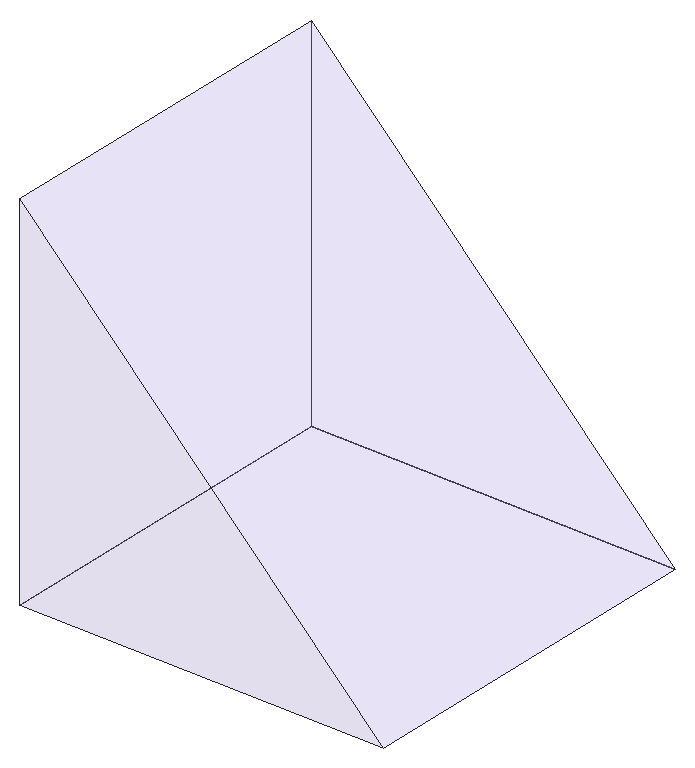
Revit family
Parameters (values of type "Right")
  Width [instance] = 9000 mm
  Mass Material [instance] = Default Mass
  Height [instance] = 9000 mm
  Depth [instance] = 9000 mm
  Default Elevation = 12000 mm
Reference planes
  plane 1 "Center (Front/Back)": y = 12.955
  plane 2: z = 0
  plane 3 "Center (Left/Right)": x = -30.261
  plane 4: y = 4512.955
  plane 5: x = 4469.739
  plane 6: x = -4530.261
  plane 7: y = -4487.045
  plane 8: z = 9000
Forms (mm)
  Extrusion 1, solid, material "Default Mass" <- "Mass Material"
    sketch origin (0, 12.955, 0) x (1, 0, 0) y (0, 0, 1)
      loop
        line (-4530.261, 0) -> (4469.739, 0) -> (-4530.261, 9000) -> (-4530.261, 0)
    from -4500 to 4500
Dimensions and locks
  equal spacing: plane 6, plane 3 "Center (Left/Right)", plane 5
  "Width": plane 6 to plane 5
  equal spacing: plane 4, plane 1 "Center (Front/Back)", plane 7
  "Depth": plane 4 to plane 7
  "Height": plane 8 to plane 2
  locked: level to plane 2
  aligned and locked: plane 6 to Extrusion 1 sketch curve
  aligned and locked: Extrusion 1 sketch curve to plane 2
  aligned and locked: plane 5 to Extrusion 1 sketch curve
  aligned and locked: plane 8 to Extrusion 1 sketch curve
  aligned and locked: Extrusion 1 to plane 4
  aligned and locked: Extrusion 1 to plane 7
